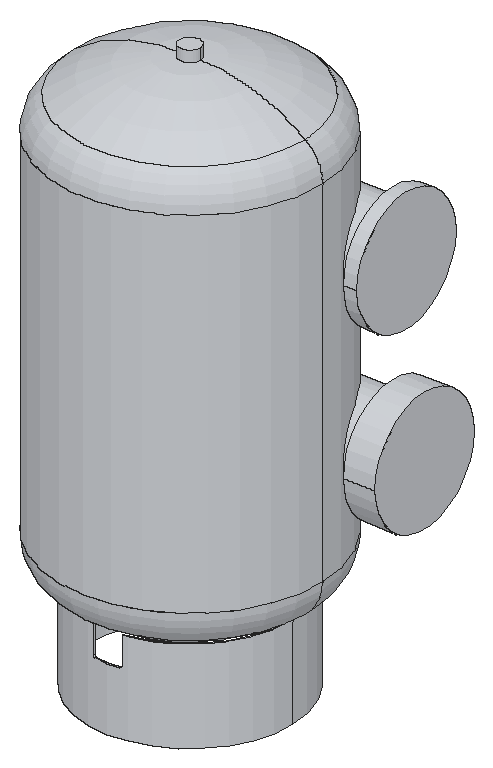
Revit family
Parameters (values of type "18-AS 125# W.P.")
  Weight = "4900 lbs"
  Top to Inlet = 32.688"
  Top Connection Radius = 1.500"
  Top Connection Diameter = Top Connection Radius * 2  # 3.000"
  Tank Height = 113.500"
  Tangential = yes
  Tank Height Less Stand = 100.500"
  Tank Diameter = 54.000"
  Pipe Location off CL = 15.000"
  Outlet Pipe Flange Conn. Radius = Outlet Pipe Flange Conn / 2  # 9.000"
  Outlet Pipe Flange Conn = 18.000"
  Model = "18\"-AS"
  Pressure Drop = ".6"
  Max Operating Temp = "350 DEG F"
  Max Operating Pressure = "125 PSI"
  Manufacturer = "Amtrol"
  Inlet CL to Outlet CL = 35.125"
  Inlet Pipe Flange Conn = 18.000"
  Inlet Pipe Flange Conn. Radius = Inlet Pipe Flange Conn / 2  # 9.000"
  Flow (GPM) = "4375"
  Flange to Flange Height = 64.000"
  CL to Outlet Flange = 32.000"
  Bottom Connection Radius = Bottom Connection Diameter / 2  # 1.500"
  Bottom Connection Diameter = 3.000"
  ASME = yes
Types (3): name | Max Operating Pressure
  (no name) | "125 PSI"
  18-AS 125# W.P. | "125 PSI"
  18-AS 150# W.P. 10 BAR | "150 PSI"
Reference planes (in)
  plane 1 "Center (Front/Back)": y = 0
  plane 2: z = 0
  plane 3 "Center (Left/Right)": x = -1.2315
Forms (in)
  Revolve 1, solid
    sketch origin (0, 0, 0) x (1, 0, 0) y (0, 0, 1)
      loop
        arc (-1.2315, 1) -> (11.14832, 2.53921) -> (22.28672, 8.15752) r 36.5
        arc (22.28672, 8.15752) -> (24.84905, 11.20629) -> (25.7685, 15.08124) r 8.625
        line (25.7685, 15.08124) -> (25.7685, 87.56029)
        arc (25.7685, 87.56029) -> (24.82944, 91.43875) -> (22.24512, 94.47941) r 8.625
        arc (22.24512, 94.47941) -> (11.11356, 100.01866) -> (-1.2315, 101.5) r 36.5
        line (-1.2315, 101.5) -> (-1.2315, 1)
      axis (-1.2315, 1) -> (-1.2315, 101.5)
    angle from 0 to 360
  Extrusion 2, solid
    sketch origin (0, 0, 4.33383) x (0, 1, 0) y (0, 0, 1)
      loop
        circle (15, 64.44985) r 9
    from 2.04863 to 28
  Extrusion 3, solid
    sketch origin (1.78583, 0, 18.02222) x (0, 1, 0) y (0, 0, 1)
      loop
        circle (15, 15.63696) r 9
    from -32.32983 to 26.21417
  Extrusion 4, solid
    sketch origin (6.54208, 0, 8.25512) x (0, 1, 0) y (0, 0, 1)
      loop
        circle (15, 60.52856) r 12.5
    from 24.22642 to 21.45792
  Extrusion 5, solid
    sketch origin (0, 0, 0.63219) x (0, 1, 0) y (0, 0, 1)
      loop
        circle (15, 33.02699) r 12.5
    from -30.544 to -33.2315
  Sweep 6, solid
    path origin (0.0083, 0, 42.63637) x (1, 0, 0) y (0, 0, 1)
      loop
        line (-1.2315, 58.83531) -> (-1.2315, 60.96969)
    profile origin (-1.2232, 0, 102.53887) x (-1, 0, 0) y (0, -1, 0)
      loop
        circle (0, 0) r 2.125
  Sweep 7, solid
    path origin (0, 0, 0.47237) x (1, 0, 0) y (0, 0, 1)
      loop
        line (-1.2315, -1.75069) -> (-1.2315, 0.49931)
    profile origin (-1.2315, 0, -0.15332) x (-1, 0, 0) y (0, -1, 0)
      loop
        circle (0, 0) r 2.125
  Extrusion 8, solid
    sketch origin (0, 0, 0) x (0, 1, 0) y (0, 0, 1)
      loop
        circle (15, 33.65918) r 12.5
    from 34.456 to 28
  Extrusion 9, solid
    sketch origin (0, 0, 0) x (1, 0, 0) y (0, 1, 0)
      loop
        circle (-1.2315, 0) r 21
      loop
        circle (-1.2315, 0) r 20.75
    from 6.07796 to -12.92204
  Extrusion 10, void
    sketch origin (0, 0, 0) x (1, 0, 0) y (0, 0, 1)
      loop
        line (-4.2315, 6.07796) -> (-4.2315, 0.5)
        arc (-4.2315, 0.5) -> (-4.08505, 0.14645) -> (-3.7315, 0) r 0.5
        line (-3.7315, 0) -> (1.2685, 0)
        arc (1.2685, 0) -> (1.62205, 0.14645) -> (1.7685, 0.5) r 0.5
        line (1.7685, 0.5) -> (1.7685, 6.07796) -> (-4.2315, 6.07796)
    from 4.41095 to 33.97425
Cuts and joins
  Extrusion 10 cuts Sweep 7
  Extrusion 10 cuts Extrusion 9
Text (in)
  text "INLET" at (38.9283, 0, 77.89847), in view "Front"
  text "OUTLET" at (-47.23522, 0, 29.54391), in view "Front"
  text "STRAINER\n\nACCESS" at (42.95882, 0, 29.99501), in view "Front"
Dimensions and locks (in)
  "Pipe Location off CL": plane 1 "Center (Front/Back)" to Extrusion 2 sketch curve
  "Pipe Location off CL": plane 1 "Center (Front/Back)" to Extrusion 3 sketch curve
  "Pipe Location off CL": Extrusion 5 sketch curve to plane 1 "Center (Front/Back)"
  "Pipe Location off CL": Extrusion 4 sketch curve to plane 1 "Center (Front/Back)"
  "CL to Outlet Flange": Extrusion 5 to plane 3 "Center (Left/Right)"
  "Top to Inlet": Sweep 6 to Extrusion 4 sketch curve
  "Top to Inlet": Sweep 6 to Extrusion 2 sketch curve
  locked: Sweep 6 to Extrusion 5 sketch curve at 67.8125
  locked: Sweep 6 to Extrusion 8 sketch curve at 67.8125
  locked: Sweep 6 to Extrusion 3 sketch curve at 67.8125
  "Pipe Location off CL": plane 1 "Center (Front/Back)" to Extrusion 8 sketch curve
  "Tank Height Less Stand": Sweep 6 sketch curve to cut or joined group of Sweep 7, Extrusion 10
  locked: Revolve 1 sketch curve to Revolve 1 sketch curve at 27
  "Tank Height Less Stand": Revolve 1 sketch curve to Revolve 1 sketch curve
  locked: Revolve 1 sketch curve to level at 1
  Sweep 6 sketch curve to Revolve 1 = 13.91139"
  radius of Revolve 1 sketch curve = 36.500"  (x2)
  radius of Revolve 1 sketch curve = 8.625"  (x2)
  aligned: Extrusion 4 to Extrusion 2
  aligned and locked: Extrusion 3 to Extrusion 5
  aligned: Extrusion 3 to Extrusion 2
  aligned: Extrusion 2 to Extrusion 8
  aligned and locked: Extrusion 9 to Extrusion 10
  aligned and locked: Extrusion 3 to Extrusion 8
  aligned and locked: Revolve 1 sketch curve to Revolve 1 sketch curve
  aligned and locked: Extrusion 10 to level
  aligned and locked: Extrusion 4 to Extrusion 8
  aligned and locked: plane 3 "Center (Left/Right)" to Sweep 7 sketch curve
Automatic sketch dimensions
  plane 1 "Center (Front/Back)" to Sweep 6 sketch curve = 0.000"
  Sweep 6 sketch curve to profile plane = 0.000"
  plane 1 "Center (Front/Back)" to Sweep 7 sketch curve = 0.000"
  Sweep 7 sketch curve to profile plane = 0.000"
  Extrusion 9 sketch curve to Extrusion 9 sketch curve = 0.000"  (x2)
  plane 1 "Center (Front/Back)" to Extrusion 9 sketch curve = 0.000"
  Extrusion 9 sketch curve to plane 3 "Center (Left/Right)" = 0.000"
  Extrusion 10 sketch curve to plane 3 "Center (Left/Right)" = 3.000"
  Extrusion 10 sketch curve to Extrusion 10 sketch curve = 0.500"  (x2)
  level to Extrusion 10 sketch curve = 0.500"
  plane 3 "Center (Left/Right)" to Extrusion 10 sketch curve = 2.500"
  level to Extrusion 10 sketch curve = 6.07796"
  Revolve 1 sketch curve to plane 3 "Center (Left/Right)" = 0.000"
  plane 3 "Center (Left/Right)" to Revolve 1 sketch curve = 1.7527"
  plane 3 "Center (Left/Right)" to Revolve 1 sketch curve = 1.88747"
  Revolve 1 sketch curve to Revolve 1 sketch curve = 0.000"  (x3)
  Revolve 1 sketch curve to Revolve 1 sketch curve = 3.52338"
  Revolve 1 sketch curve to Revolve 1 sketch curve = 20.70015"
  plane 3 "Center (Left/Right)" to Sweep 6 sketch curve = 0.0083"
  Sweep 6 sketch curve to Sweep 6 sketch curve = 2.13438"
  Sweep 7 sketch curve to level = 1.27832"
  level to Sweep 7 sketch curve = 0.97168"
  radius of Extrusion 2 sketch curve = 9.000"
  radius of Extrusion 3 sketch curve = 9.000"
  radius of Extrusion 4 sketch curve = 12.500"
  radius of Extrusion 5 sketch curve = 12.500"
  radius of Sweep 6 sketch curve = 2.125"
  radius of Sweep 7 sketch curve = 2.125"
  radius of Extrusion 8 sketch curve = 12.500"
  radius of Extrusion 9 sketch curve = 21.000"
  radius of Extrusion 9 sketch curve = 20.750"
Connectors (in)
  piping at (-1.2232, 0, 103.60606), driven by "Top Connection Radius"
    settings: on Sweep 6, index 3
  piping at (-33.2315, 15, 33.65918), driven by "Outlet Pipe Flange Conn. Radius"
    settings: on Extrusion 5, index 4
  piping at (-1.2315, 0, -1.27832), driven by "Bottom Connection Radius"
    settings: on Sweep 7, index 5
  piping at (30.7685, 15, 68.78368), driven by "Inlet Pipe Flange Conn. Radius"
    settings: on Extrusion 4, index 6
